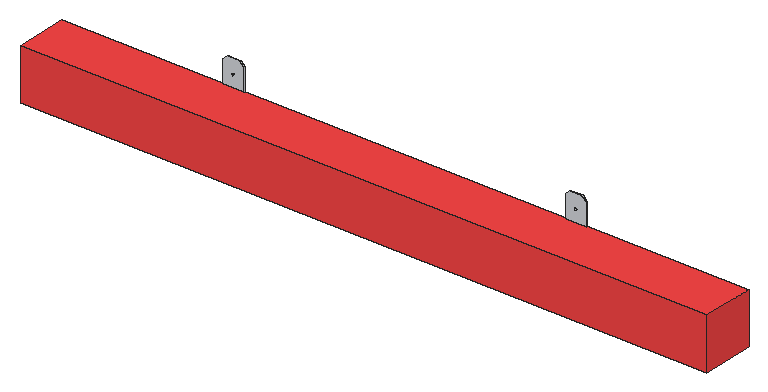
Revit family "VFB_VFB Plus 76-215mm", category Specialty Equipment, Revit 2015
Parameters (values of type "VFB Plus 76.0 x 75.0 x 1000mm")
  Youtube Clip = "https://www.youtube.com/watch?v=VjsuebgyjI8&vl=en-GB"
  Width = 76 mm
  URL = "https://www.tenmat.com/passive-fire-protection/"
  Tenmat Item Number = "I102MP07600075100000\r\nI102MP01600075100000"
  Seal Type = "VFB Plus 120"
  Performance = "BS EN 1366-3:2009 & BS 476, ETA-12/0332, 1224-CPR-0341, CE Marked"
  Material/Grade = "Firefly 102"
  Manufacturer = "Tenmat ltd"
  Length = 1000 mm
  IFC Classification = "Building Element Proxy"
  Description = "Firefly 102 Ventilated Fire Barrier"
  Depth = 75 mm
Types (140, lengths in mm): name | Width | Tenmat Item Number | Seal Type
  VFB Plus 76.0 x 75.0 x 1000mm | 76 | "I102MP07600075100000\r\nI102MP01600075100000" | "VFB Plus 120"
  VFB Plus 77.0 x 75.0 x 1000mm | 77 | "I102MP07700075100000\r\nI102MP01600075100000" | "VFB Plus 121"
  VFB Plus 78.0 x 75.0 x 1000mm | 78 | "I102MP07800075100000\r\nI102MP01600075100000" | "VFB Plus 122"
  VFB Plus 79.0 x 75.0 x 1000mm | 79 | "I102MP07900075100000\r\nI102MP01600075100000" | "VFB Plus 123"
  VFB Plus 80.0 x 75.0 x 1000mm | 80 | "I102MP08000075100000\r\nI102MP01600075100000" | "VFB Plus 124"
  VFB Plus 81.0 x 75.0 x 1000mm | 81 | "I102MP08100075100000\r\nI102MP01600075100000" | "VFB Plus 125"
  VFB Plus 82.0 x 75.0 x 1000mm | 82 | "I102MP08200075100000\r\nI102MP01600075100000" | "VFB Plus 126"
  VFB Plus 83.0 x 75.0 x 1000mm | 83 | "I102MP08300075100000\r\nI102MP01600075100000" | "VFB Plus 127"
  VFB Plus 84.0 x 75.0 x 1000mm | 84 | "I102MP08400075100000\r\nI102MP01600075100000" | "VFB Plus 128"
  VFB Plus 85.0 x 75.0 x 1000mm | 85 | "I102MP08500075100000\r\nI102MP01600075100000" | "VFB Plus 129"
  VFB Plus 86.0 x 75.0 x 1000mm | 86 | "I102MP08600075100000\r\nI102MP01600075100000" | "VFB Plus 130"
  VFB Plus 87.0 x 75.0 x 1000mm | 87 | "I102MP08700075100000\r\nI102MP01600075100000" | "VFB Plus 131"
  VFB Plus 88.0 x 75.0 x 1000mm | 88 | "I102MP08800075100000\r\nI102MP01600075100000" | "VFB Plus 132"
  VFB Plus 89.0 x 75.0 x 1000mm | 89 | "I102MP08900075100000\r\nI102MP01600075100000" | "VFB Plus 133"
  VFB Plus 90.0 x 75.0 x 1000mm | 90 | "I102MP09000075100000\r\nI102MP01600075100000" | "VFB Plus 134"
  VFB Plus 91.0 x 75.0 x 1000mm | 91 | "I102MP09100075100000\r\nI102MP01600075100000" | "VFB Plus 135"
  VFB Plus 92.0 x 75.0 x 1000mm | 92 | "I102MP09200075100000\r\nI102MP01600075100000" | "VFB Plus 136"
  VFB Plus 93.0 x 75.0 x 1000mm | 93 | "I102MP09300075100000\r\nI102MP01600075100000" | "VFB Plus 137"
  VFB Plus 94.0 x 75.0 x 1000mm | 94 | "I102MP09400075100000\r\nI102MP01600075100000" | "VFB Plus 138"
  VFB Plus 95.0 x 75.0 x 1000mm | 95 | "I102MP09500075100000\r\nI102MP01600075100000" | "VFB Plus 139"
  VFB Plus 96.0 x 75.0 x 1000mm | 96 | "I102MP09600075100000\r\nI102MP01600075100000" | "VFB Plus 140"
  VFB Plus 97.0 x 75.0 x 1000mm | 97 | "I102MP09700075100000\r\nI102MP01600075100000" | "VFB Plus 141"
  VFB Plus 98.0 x 75.0 x 1000mm | 98 | "I102MP09800075100000\r\nI102MP01600075100000" | "VFB Plus 142"
  VFB Plus 99.0 x 75.0 x 1000mm | 99 | "I102MP09900075100000\r\nI102MP01600075100000" | "VFB Plus 143"
  VFB Plus 100.0 x 75.0 x 1000mm | 100 | "I102MP10000075100000\r\nI102MP01600075100000" | "VFB Plus 144"
  VFB Plus 101.0 x 75.0 x 1000mm | 101 | "I102MP10100075100000" | "VFB Plus 145"
  VFB Plus 102.0 x 75.0 x 1000mm | 102 | "I102MP10200075100000" | "VFB Plus 146"
  VFB Plus 103.0 x 75.0 x 1000mm | 103 | "I102MP10300075100000" | "VFB Plus 147"
  VFB Plus 104.0 x 75.0 x 1000mm | 104 | "I102MP10400075100000" | "VFB Plus 148"
  VFB Plus 105.0 x 75.0 x 1000mm | 105 | "I102MP10500075100000" | "VFB Plus 149"
  VFB Plus 106.0 x 75.0 x 1000mm | 106 | "I102MP10600075100000" | "VFB Plus 150"
  VFB Plus 107.0 x 75.0 x 1000mm | 107 | "I102MP10700075100000" | "VFB Plus 151"
  VFB Plus 108.0 x 75.0 x 1000mm | 108 | "I102MP10800075100000" | "VFB Plus 152"
  VFB Plus 109.0 x 75.0 x 1000mm | 109 | "I102MP10900075100000" | "VFB Plus 153"
  VFB Plus 110.0 x 75.0 x 1000mm | 110 | "I102MP11000075100000" | "VFB Plus 154"
  VFB Plus 111.0 x 75.0 x 1000mm | 111 | "I102MP11100075100000" | "VFB Plus 155"
  VFB Plus 112.0 x 75.0 x 1000mm | 112 | "I102MP11200075100000" | "VFB Plus 156"
  VFB Plus 113.0 x 75.0 x 1000mm | 113 | "I102MP11300075100000" | "VFB Plus 157"
  VFB Plus 114.0 x 75.0 x 1000mm | 114 | "I102MP11400075100000" | "VFB Plus 158"
  VFB Plus 115.0 x 75.0 x 1000mm | 115 | "I102MP11500075100000" | "VFB Plus 159"
  VFB Plus 116.0 x 75.0 x 1000mm | 116 | "I102MP11600075100000" | "VFB Plus 160"
  VFB Plus 117.0 x 75.0 x 1000mm | 117 | "I102MP11700075100000" | "VFB Plus 161"
  VFB Plus 118.0 x 75.0 x 1000mm | 118 | "I102MP11800075100000" | "VFB Plus 162"
  VFB Plus 119.0 x 75.0 x 1000mm | 119 | "I102MP11900075100000\r\nI102MP01600075100000" | "VFB Plus 163"
  VFB Plus 120.0 x 75.0 x 1000mm | 120 | "I102MP12000075100000" | "VFB Plus 164"
  VFB Plus 121.0 x 75.0 x 1000mm | 121 | "I102MP12100075100000" | "VFB Plus 165"
  VFB Plus 122.0 x 75.0 x 1000mm | 122 | "I102MP12200075100000" | "VFB Plus 166"
  VFB Plus 123.0 x 75.0 x 1000mm | 123 | "I102MP12300075100000" | "VFB Plus 167"
  VFB Plus 124.0 x 75.0 x 1000mm | 124 | "I102MP12400075100000" | "VFB Plus 168"
  VFB Plus 125.0 x 75.0 x 1000mm | 125 | "I102MP12500075100000" | "VFB Plus 169"
  VFB Plus 126.0 x 75.0 x 1000mm | 126 | "I102MP07500075100000\r\nI102MP12600075100000" | "VFB Plus 170"
  VFB Plus 127.0 x 75.0 x 1000mm | 127 | "I102MP12700075100000" | "VFB Plus 171"
  VFB Plus 128.0 x 75.0 x 1000mm | 128 | "I102MP12800075100000" | "VFB Plus 172"
  VFB Plus 129.0 x 75.0 x 1000mm | 129 | "I102MP12900075100000" | "VFB Plus 173"
  VFB Plus 130.0 x 75.0 x 1000mm | 130 | "I102MP07500075100000\r\nI102MP13000075100000" | "VFB Plus 174"
  VFB Plus 131.0 x 75.0 x 1000mm | 131 | "I102MP07500075100000\r\nI102MP13100075100000" | "VFB Plus 175"
  VFB Plus 132.0 x 75.0 x 1000mm | 132 | "I102MP07500075100000\r\nI102MP13200075100000" | "VFB Plus 176"
  VFB Plus 133.0 x 75.0 x 1000mm | 133 | "I102MP07500075100000\r\nI102MP13300075100000" | "VFB Plus 177"
  VFB Plus 134.0 x 75.0 x 1000mm | 134 | "I102MP07500075100000\r\nI102MP13400075100000" | "VFB Plus 178"
  VFB Plus 135.0 x 75.0 x 1000mm | 135 | "I102MP07500075100000\r\nI102MP13500075100000" | "VFB Plus 179"
  VFB Plus 136.0 x 75.0 x 1000mm | 136 | "I102MP07500075100000\r\nI102MP13600075100000" | "VFB Plus 180"
  VFB Plus 137.0 x 75.0 x 1000mm | 137 | "I102MP07500075100000\r\nI102MP13700075100000" | "VFB Plus 181"
  VFB Plus 138.0 x 75.0 x 1000mm | 138 | "I102MP07500075100000\r\nI102MP13800075100000" | "VFB Plus 182"
  VFB Plus 139.0 x 75.0 x 1000mm | 139 | "I102MP07500075100000\r\nI102MP13900075100000" | "VFB Plus 183"
  VFB Plus 140.0 x 75.0 x 1000mm | 140 | "I102MP07500075100000\r\nI102MP14000075100000\r\nI102MP01600075100000" | "VFB Plus 184"
  VFB Plus 141.0 x 75.0 x 1000mm | 141 | "I102MP14100075100000" | "VFB Plus 185"
  VFB Plus 142.0 x 75.0 x 1000mm | 142 | "I102MP14200075100000" | "VFB Plus 186"
  VFB Plus 143.0 x 75.0 x 1000mm | 143 | "I102MP14300075100000" | "VFB Plus 187"
  VFB Plus 144.0 x 75.0 x 1000mm | 144 | "I102MP14400075100000" | "VFB Plus 188"
  VFB Plus 145.0 x 75.0 x 1000mm | 145 | "I102MP14500075100000" | "VFB Plus 189"
  VFB Plus 146.0 x 75.0 x 1000mm | 146 | "I102MP07500075100000\r\nI102MP14600075100000" | "VFB Plus 190"
  VFB Plus 147.0 x 75.0 x 1000mm | 147 | "I102MP14700075100000" | "VFB Plus 191"
  VFB Plus 148.0 x 75.0 x 1000mm | 148 | "I102MP14800075100000" | "VFB Plus 192"
  VFB Plus 149.0 x 75.0 x 1000mm | 149 | "I102MP14900075100000" | "VFB Plus 193"
  VFB Plus 150.0 x 75.0 x 1000mm | 150 | "I102MP15000075100000" | "VFB Plus 194"
  VFB Plus 151.0 x 75.0 x 1000mm | 151 | "I102MP15100075100000" | "VFB Plus 195"
  VFB Plus 152.0 x 75.0 x 1000mm | 152 | "I102MP15200075100000" | "VFB Plus 196"
  VFB Plus 153.0 x 75.0 x 1000mm | 153 | "I102MP15300075100000" | "VFB Plus 197"
  VFB Plus 154.0 x 75.0 x 1000mm | 154 | "I102MP15400075100000" | "VFB Plus 198"
  VFB Plus 155.0 x 75.0 x 1000mm | 155 | "I102MP15500075100000" | "VFB Plus 199"
  VFB Plus 156.0 x 75.0 x 1000mm | 156 | "I102MP15600075100000" | "VFB Plus 200"
  VFB Plus 157.0 x 75.0 x 1000mm | 157 | "I102MP15700075100000" | "VFB Plus 201"
  VFB Plus 158.0 x 75.0 x 1000mm | 158 | "I102MP15800075100000" | "VFB Plus 202"
  VFB Plus 159.0 x 75.0 x 1000mm | 159 | "I102MP15900075100000" | "VFB Plus 203"
  VFB Plus 160.0 x 75.0 x 1000mm | 160 | "I102MP16000075100000" | "VFB Plus 204"
  VFB Plus 161.0 x 75.0 x 1000mm | 161 | "I102MP16100075100000" | "VFB Plus 205"
  VFB Plus 162.0 x 75.0 x 1000mm | 162 | "I102MP16000075100000\r\nI102MP16200075100000" | "VFB Plus 206"
  VFB Plus 163.0 x 75.0 x 1000mm | 163 | "I102MP16300075100000" | "VFB Plus 207"
  VFB Plus 164.0 x 75.0 x 1000mm | 164 | "I102MP16400075100000" | "VFB Plus 208"
  VFB Plus 165.0 x 75.0 x 1000mm | 165 | "I102MP16500075100000" | "VFB Plus 209"
  VFB Plus 166.0 x 75.0 x 1000mm | 166 | "I102MP16600075100000" | "VFB Plus 210"
  VFB Plus 167.0 x 75.0 x 1000mm | 167 | "I102MP16700075100000" | "VFB Plus 211"
  VFB Plus 168.0 x 75.0 x 1000mm | 168 | "I102MP16800075100000" | "VFB Plus 212"
  VFB Plus 169.0 x 75.0 x 1000mm | 169 | "I102MP16900075100000" | "VFB Plus 213"
  VFB Plus 170.0 x 75.0 x 1000mm | 170 | "I102MP17000075100000" | "VFB Plus 214"
  VFB Plus 171.0 x 75.0 x 1000mm | 171 | "I102MP17100075100000" | "VFB Plus 215"
  VFB Plus 172.0 x 75.0 x 1000mm | 172 | "I102MP17200075100000" | "VFB Plus 216"
  VFB Plus 173.0 x 75.0 x 1000mm | 173 | "I102MP17300075100000" | "VFB Plus 217"
  VFB Plus 174.0 x 75.0 x 1000mm | 174 | "I102MP17400075100000" | "VFB Plus 218"
  VFB Plus 175.0 x 75.0 x 1000mm | 175 | "I102MP17500075100000" | "VFB Plus 219"
  VFB Plus 176.0 x 75.0 x 1000mm | 176 | "I102MP17600075100000" | "VFB Plus 220"
  VFB Plus 177.0 x 75.0 x 1000mm | 177 | "I102MP17700075100000" | "VFB Plus 221"
  VFB Plus 178.0 x 75.0 x 1000mm | 178 | "I102MP17800075100000" | "VFB Plus 222"
  VFB Plus 179.0 x 75.0 x 1000mm | 179 | "I102MP17900075100000" | "VFB Plus 223"
  VFB Plus 180.0 x 75.0 x 1000mm | 180 | "I102MP18000075100000" | "VFB Plus 224"
  VFB Plus 181.0 x 75.0 x 1000mm | 181 | "I102MP18100075100000" | "VFB Plus 225"
  VFB Plus 182.0 x 75.0 x 1000mm | 182 | "I102MP18200075100000" | "VFB Plus 226"
  VFB Plus 183.0 x 75.0 x 1000mm | 183 | "I102MP18300075100000" | "VFB Plus 227"
  VFB Plus 184.0 x 75.0 x 1000mm | 184 | "I102MP18400075100000" | "VFB Plus 228"
  VFB Plus 185.0 x 75.0 x 1000mm | 185 | "I102MP18500075100000" | "VFB Plus 229"
  VFB Plus 186.0 x 75.0 x 1000mm | 186 | "I102MP18600075100000" | "VFB Plus 230"
  VFB Plus 187.0 x 75.0 x 1000mm | 187 | "I102MP18700075100000" | "VFB Plus 231"
  VFB Plus 188.0 x 75.0 x 1000mm | 188 | "I102MP18800075100000" | "VFB Plus 232"
  VFB Plus 189.0 x 75.0 x 1000mm | 189 | "I102MP18900075100000" | "VFB Plus 233"
  VFB Plus 190.0 x 75.0 x 1000mm | 190 | "I102MP19000075100000" | "VFB Plus 234"
  VFB Plus 191.0 x 75.0 x 1000mm | 191 | "I102MP19100075100000" | "VFB Plus 235"
  VFB Plus 192.0 x 75.0 x 1000mm | 192 | "I102MP19200075100000" | "VFB Plus 236"
  VFB Plus 193.0 x 75.0 x 1000mm | 193 | "I102MP19300075100000" | "VFB Plus 237"
  VFB Plus 194.0 x 75.0 x 1000mm | 194 | "I102MP19400075100000" | "VFB Plus 238"
  VFB Plus 195.0 x 75.0 x 1000mm | 195 | "I102MP19500075100000" | "VFB Plus 239"
  VFB Plus 196.0 x 75.0 x 1000mm | 196 | "I102MP19600075100000" | "VFB Plus 240"
  VFB Plus 197.0 x 75.0 x 1000mm | 197 | "I102MP19700075100000" | "VFB Plus 241"
  VFB Plus 198.0 x 75.0 x 1000mm | 198 | "I102MP19800075100000" | "VFB Plus 242"
  VFB Plus 199.0 x 75.0 x 1000mm | 199 | "I102MP19900075100000" | "VFB Plus 243"
  VFB Plus 200.0 x 75.0 x 1000mm | 200 | "I102MP20000075100000" | "VFB Plus 244"
  VFB Plus 201.0 x 75.0 x 1000mm | 201 | "I102MP20100075100000" | "VFB Plus 245"
  VFB Plus 202.0 x 75.0 x 1000mm | 202 | "I102MP20200075100000" | "VFB Plus 246"
  VFB Plus 203.0 x 75.0 x 1000mm | 203 | "I102MP20300075100000" | "VFB Plus 247"
  VFB Plus 204.0 x 75.0 x 1000mm | 204 | "I102MP20400075100000" | "VFB Plus 248"
  VFB Plus 205.0 x 75.0 x 1000mm | 205 | "I102MP20500075100000" | "VFB Plus 249"
  VFB Plus 206.0 x 75.0 x 1000mm | 206 | "I102MP20600075100000" | "VFB Plus 250"
  VFB Plus 207.0 x 75.0 x 1000mm | 207 | "I102MP20700075100000" | "VFB Plus 251"
  VFB Plus 208.0 x 75.0 x 1000mm | 208 | "I102MP20800075100000" | "VFB Plus 252"
  VFB Plus 209.0 x 75.0 x 1000mm | 209 | "I102MP20900075100000" | "VFB Plus 253"
  VFB Plus 210.0 x 75.0 x 1000mm | 210 | "I102MP21000075100000" | "VFB Plus 254"
  VFB Plus 211.0 x 75.0 x 1000mm | 211 | "I102MP21100075100000" | "VFB Plus 255"
  VFB Plus 212.0 x 75.0 x 1000mm | 212 | "I102MP21200075100000" | "VFB Plus 256"
  VFB Plus 213.0 x 75.0 x 1000mm | 213 | "I102MP21300075100000" | "VFB Plus 257"
  VFB Plus 214.0 x 75.0 x 1000mm | 214 | "I102MP21400075100000" | "VFB Plus 258"
  VFB Plus 215.0 x 75.0 x 1000mm | 215 | "I102MP21500075100000" | "VFB Plus 259"
Reference planes
  plane 1 "Center (Front/Back)": y = 0
  plane 2: z = 0
  plane 3 "Center (Left/Right)": x = 0
  plane 4: x = -500
  plane 5: y = 38
  plane 6: x = 500
  plane 7: y = -38
  plane 8: z = 75
  plane 9: x = -250
  plane 10: x = 250
  plane 11: z = 37.5
Forms (mm)
  Extrusion 1, solid, material "Tenmat"
    sketch origin (0, 0, 0) x (1, 0, 0) y (0, 1, 0)
      loop
        line (-500, 38) -> (-500, -38) -> (500, -38) -> (500, 38) -> (-500, 38)
    from 0 to 75
Dimensions and locks
  equal spacing: plane 4, plane 3 "Center (Left/Right)", plane 6
  "Length": plane 4 to plane 6
  equal spacing: plane 5, plane 1 "Center (Front/Back)", plane 7
  "Width": plane 5 to plane 7
  "Depth": plane 8 to plane 2
  aligned and locked: level to plane 2
  aligned and locked: Extrusion 1 to plane 2
  aligned and locked: plane 8 to Extrusion 1
  aligned and locked: plane 5 to Extrusion 1
  aligned and locked: plane 7 to Extrusion 1
  aligned and locked: Extrusion 1 to plane 6
  aligned and locked: Extrusion 1 to plane 4
  aligned and locked: nested 1 to plane 5
  aligned and locked: plane 5 to nested 2
Automatic sketch dimensions
  Extrusion 1 sketch curve to plane 4 = 0 mm
  Extrusion 1 sketch curve to plane 6 = 0 mm
  plane 1 "Center (Front/Back)" to Extrusion 1 sketch curve = 38 mm
  Extrusion 1 sketch curve to plane 1 "Center (Front/Back)" = 38 mm
Nested families
  nested 1: "Multi purpose Bracket-76-215mm" at (-250, 38.6, 37.5) x (0, -1, 0) z (0, 0, 1), type "Multi purpose Bracket-76-215mm"
  nested 2: "Multi purpose Bracket-76-215mm" at (250, 37.4, 37.5) x (0, -1, 0) z (0, 0, 1), type "Multi purpose Bracket-76-215mm"
Definition of nested family "Multi purpose Bracket-76-215mm"
  Reference planes
    plane 1 "Center (Front/Back)": y = 0
    plane 2: z = 0
    plane 3 "Center (Left/Right)": x = 0
  Forms (mm)
    Extrusion 1, solid
      sketch origin (-75, 0, 0) x (-1, 0, 0) y (0, -1, 0)
        loop
          line (-139, 0) -> (-125, -15) -> (-81, -15) -> (-75, -9) -> (-75, 9) -> (-81, 15) -> (-125, 15) -> (-139, 0)
      from 0 to 1.2
    Extrusion 2, solid
      sketch origin (0.6, 0, 0.6) x (0, 0, -1) y (0, -1, 0)
        loop
          line (-6, 15) -> (-69, 15) -> (-75, 9) -> (-75, -9) -> (-69, -15) -> (-6, -15) -> (0.6, -8.4) -> (0.6, 8.4) -> (-6, 15)
        loop
          circle (-54, 0) r 2
        loop
          circle (-19, 0) r 2
      from 0 to 1.2
  Cuts and joins
    joined: Extrusion 1, Extrusion 2
  Dimensions and locks
    aligned and locked: level to plane 2
    aligned and locked: Extrusion 2 to Extrusion 1
